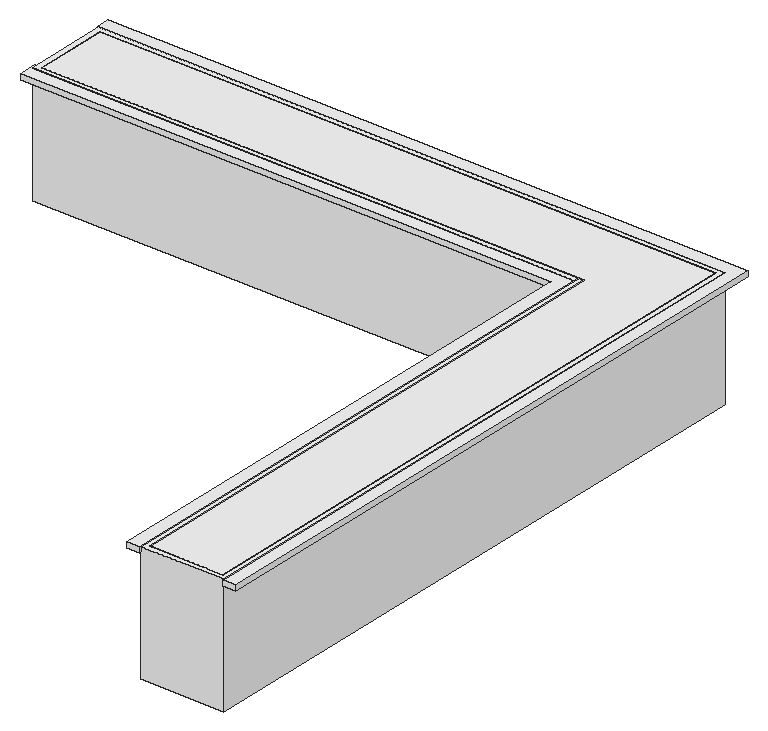
Revit family "Lighting-Recessed-Ledalite-TruGroove-LED_Flat_Corner V", category Lighting Fixtures, host Face, Revit 2017
Family settings
  Host = Face
  Round Connector Dimension = Use Diameter
  Part Type = Normal
  OmniClass Number = 23.80.70.11.14
  OmniClass Title = General Luminaries, Directional
  Cut with Voids When Loaded = No
  Light Source = Yes
  Shared = No
  Room Calculation Point = No
Parameters (values of type "39A0LCKMx422")
  eCatalog URL = "www.ledalite.com"
  Wattage = 8.21317 W
  built-in parameter 1150110 = 1 (stored number, unit not read)
  Voltage Comments = ""
  Voltage = 120 V
  URL = "https://www.signify.com/en-us"
  Trimless/TGrid = no
  Trim Width = 4 1/2"
  Trim Length = 26 77/256"
  Trim = yes
  built-in parameter 1114217 = 1 (stored number, unit not read)
  Tilt Angle = -90.00°
  built-in parameter 1150109 = 1 (stored number, unit not read)
  built-in parameter 1150134 = (empty or 0)
  built-in parameter 1150113 = 1 (stored number, unit not read)
  Spacing to Mounting Height Ratio Diagonal = "1.36"
  Spacing to Mounting Height Ratio 90 Degree Plane = "1.24"
  Spacing to Mounting Height Ratio 0 Degree Plane = "1.28"
  Product Page URL = "http://www.lightingproducts.philips.com/search-tool.html#!q=39AL"
  Product Family = "TruGroove"
  Photometry Comments = "Candela values are absolute."
  Photometric Web File = "39x0LCKMxx04.ies"
  Number of Lamps or LEDs = ""
  NEMA Type = "Not Applicable"
  Model = Catalog Number  # "39A0LCKMx422"
  Manufacturer = "Ledalite"
  built-in parameter 1150105 = 97.085 (stored number, unit not read)
  Lumens = 1220 lm
  built-in parameter 1150115 = 1 (stored number, unit not read)
  built-in parameter 1150137 = (empty or 0)
  built-in parameter 1150139 = (empty or 0)
  Lens Width = 3"
  Lens Material Finish = Acrylic-Signify-White, Translucent
  Last Updated = "11/6/2014"
  built-in parameter 1150112 = 1 (stored number, unit not read)
  Lamp Position = ""
  built-in parameter 1150114 = 1 (stored number, unit not read)
  Lamp Comments = ""
  Lamp = "LED"
  LER Luminaire Efficacy Rating = "65"
  built-in parameter 1150132 = 2
  built-in parameter 1150102 = (empty or 0)
  built-in parameter 1150107 = 3000 (stored number, unit not read)
  built-in parameter 1150138 = (empty or 0)
  built-in parameter 1150106 = 0.97085 (stored number, unit not read)
  Housing Width = 3 27/64"
  Housing Material Finish = Paint-Signify-White
  Housing Length = 25 179/256"
  Fixture Efficiency = "NA (Absolute Photometry)"
  built-in parameter 1150104 = 13.8 (stored number, unit not read)
  Dimming Lamp Color Temperature Shift = <None>
  Description = "2x2 Flat Corner, Definition LED, 3000K, 1500 Nominal Delivered Lumens, Regressed Silk Lens, Drywall Trim"
  Depth below Ceiling = 41/256"
  Depth = 4 225/256"
  Default Elevation = 48"
  Color Filter = 16777215
  Catalog Number = "39A0LCKMx422"
  built-in parameter 1140040 [instance] = 1
  CIE Type = "Direct"
  built-in parameter 1114218 = 1 (stored number, unit not read)
  built-in parameter 1150133 = 10 (stored number, unit not read)
  Assembly Code = "D5020200"
  Apparent Load Comments = ""
  Apparent Load = 18.9 VA
Reference planes (in)
  plane 1 "Center (Front/Back)": y = 0
  plane 2: z = 0
  plane 3 "Center (Left/Right)": x = 0
  plane 4: z = 0.16016
  plane 5: z = -4.71875
  plane 6: x = -1.71094
  plane 7: x = 1.71094
  plane 8: y = 1.71094
  plane 9: y = -1.71094
  plane 10: x = -2.25
  plane 11: x = 2.25
  plane 12: y = 2.25
  plane 13: y = -2.25
  plane 14: x = -23.98828
  plane 15: y = -23.98828
  plane 16: x = -24.05078
  plane 17: y = -24.05078
  plane 18: x = 1.5
  plane 19: x = -1.5
  plane 20: y = 1.5
  plane 21: y = -1.5
  plane 22: x = -23.77734
  plane 23: y = -23.77734
  plane 24: z = -4.5
  plane 25: z = -0.05078
  plane 26: z = -0.21875
Forms (in)
  Extrusion 1, void
    sketch origin (0, 0, 0) x (1, 0, 0) y (0, 1, 0)
      loop
        line (1.71094, 1.71094) -> (-23.98828, 1.71094) -> (-23.98828, -1.71094) -> (-1.71094, -1.71094) -> (-1.71094, -23.98828) -> (1.71094, -23.98828) -> (1.71094, 1.71094)
    from -4.71875 to 0
  Extrusion 2, solid, material "Paint-Signify-White" <- "Housing Material Finish"
    sketch origin (0, 0, 0) x (1, 0, 0) y (0, 1, 0)
      loop
        line (-23.98828, 1.71094) -> (-23.98828, -1.71094) -> (-1.71094, -1.71094) -> (-1.71094, -23.98828) -> (1.71094, -23.98828) -> (1.71094, 1.71094) -> (-23.98828, 1.71094)
    from -4.71875 to -4.5
  Extrusion 3, solid, material "Paint-Signify-White" <- "Housing Material Finish"
    sketch origin (0, 0, 0) x (1, 0, 0) y (0, 1, 0)
      loop
        line (-23.98828, 1.71094) -> (-23.98828, -1.71094) -> (-1.71094, -1.71094) -> (-1.71094, -23.98828) -> (1.71094, -23.98828) -> (1.71094, 1.71094) -> (-23.98828, 1.71094)
      loop
        line (-23.77734, 1.5) -> (-23.77734, -1.5) -> (-1.5, -1.5) -> (-1.5, -23.77734) -> (1.5, -23.77734) -> (1.5, 1.5) -> (-23.77734, 1.5)
    from -4.5 to 0.16016
  Extrusion 4, solid, material "Acrylic-Signify-White, Translucent" <- "Lens Material Finish"
    sketch origin (0, 0, 0) x (1, 0, 0) y (0, 1, 0)
      loop
        line (-23.77734, 1.5) -> (-23.77734, -1.5) -> (-1.5, -1.5) -> (-1.5, -23.77734) -> (1.5, -23.77734) -> (1.5, 1.5) -> (-23.77734, 1.5)
    from -0.05078 to 0.16016
  Extrusion 5, solid, material "Paint-Signify-White" <- "Housing Material Finish", visible <- "Trimless/TGrid"
    sketch origin (0, 0, 0) x (1, 0, 0) y (0, 1, 0)
      loop
        line (-24.05078, -2.25) -> (-2.25, -2.25) -> (-2.25, -24.05078) -> (-1.71094, -24.05078) -> (-1.71094, -1.71094) -> (-24.05078, -1.71094) -> (-24.05078, -2.25)
      loop
        line (-24.05078, 1.71094) -> (1.71094, 1.71094) -> (1.71094, -24.05078) -> (2.25, -24.05078) -> (2.25, 2.25) -> (-24.05078, 2.25) -> (-24.05078, 1.71094)
    from -0.21875 to 0
  Extrusion 6, solid, material "Paint-Signify-White", visible <- "Trim"
    sketch origin (0, 0, 0) x (1, 0, 0) y (0, 1, 0)
      loop
        line (-2.25, -24.05078) -> (-1.71094, -24.05078) -> (-1.71094, -1.5) -> (-24.05078, -1.5) -> (-24.05078, -2.25) -> (-2.25, -2.25) -> (-2.25, -24.05078)
      loop
        line (1.71094, -24.05078) -> (2.25, -24.05078) -> (2.25, 2.25) -> (-24.05078, 2.25) -> (-24.05078, 1.71094) -> (1.71094, 1.71094) -> (1.71094, -24.05078)
    from -0.05078 to 0.16016
Cuts and joins
  joined: Extrusion 2, Extrusion 3
Lines and regions (in)
  symbolic lines
    curve 1: line (1.71094, 1.71094, 0) -> (-23.98828, 1.71094, 0)
    curve 2: line (1.71094, -23.98828, 0) -> (1.71094, 1.71094, 0)
    curve 3: line (-23.98828, -23.98828, 0) -> (1.71094, -23.98828, 0)
    curve 4: line (-23.98828, 1.71094, 0) -> (-23.98828, -23.98828, 0)
  symbolic lines, detail levels medium+fine
    curve 5: line (-23.98828, 1.71094, 0) -> (1.71094, -23.98828, 0)
Dimensions and locks (in)
  "Depth below Ceiling": plane 4 to level
  "Depth": plane 4 to plane 5
  locked: imposter light to plane 4 at 0
  equal spacing: plane 6, plane 3 "Center (Left/Right)", plane 7
  "Housing Width": plane 6 to plane 7
  equal spacing: plane 9, plane 1 "Center (Front/Back)", plane 8
  "Housing Width": plane 9 to plane 8
  equal spacing: plane 10, plane 3 "Center (Left/Right)", plane 11
  "Trim Width": plane 10 to plane 11
  equal spacing: plane 13, plane 1 "Center (Front/Back)", plane 12
  "Trim Width": plane 13 to plane 12
  "Housing Length": plane 14 to plane 7
  "Housing Length": plane 15 to plane 8
  "Trim Length": plane 16 to plane 11
  "Trim Length": plane 17 to plane 12
  equal spacing: plane 19, plane 3 "Center (Left/Right)", plane 18
  "Lens Width": plane 19 to plane 18
  equal spacing: plane 20, plane 1 "Center (Front/Back)", plane 21
  "Lens Width": plane 20 to plane 21
  locked: plane 14 to plane 22 at 0.21094
  locked: plane 23 to plane 15 at 0.21094
  locked: plane 24 to plane 5 at 0.21875
  locked: plane 4 to plane 25 at 0.21094
  locked: level to plane 26 at 0.21875
  locked: curve 4 to Extrusion 4 sketch curve at 0.21094
  locked: curve 3 to Extrusion 4 sketch curve at 0.21094
  locked: Extrusion 6 to Extrusion 4 sketch curve at 0.75  (x3)
  locked: Extrusion 4 sketch curve to Extrusion 6 at 0.75
  aligned and locked: plane 2 to host face
  aligned and locked: level to host face
  aligned and locked: Extrusion 1 to plane 5
  aligned and locked: level to Extrusion 1
  aligned and locked: Extrusion 1 to plane 8
  aligned and locked: Extrusion 1 to plane 14
  aligned and locked: plane 9 to Extrusion 1
  aligned and locked: plane 7 to Extrusion 1
  aligned and locked: Extrusion 1 to plane 6
  aligned and locked: plane 15 to Extrusion 1
  aligned and locked: Extrusion 2 to plane 5
  aligned and locked: Extrusion 2 to plane 24
  aligned and locked: Extrusion 2 to plane 14
  aligned and locked: Extrusion 2 to plane 8
  aligned and locked: plane 9 to Extrusion 2
  aligned and locked: plane 7 to Extrusion 2
  aligned and locked: Extrusion 2 to plane 6
  aligned and locked: plane 15 to Extrusion 2
  aligned and locked: Extrusion 3 to Extrusion 2
  aligned and locked: Extrusion 3 to imposter light
  aligned and locked: Extrusion 3 to plane 14
  aligned and locked: Extrusion 3 to plane 22
  aligned and locked: plane 9 to Extrusion 3
  aligned and locked: plane 21 to Extrusion 3
  aligned and locked: Extrusion 3 to plane 8
  aligned and locked: Extrusion 3 to plane 20
  aligned and locked: plane 7 to Extrusion 3
  aligned and locked: plane 18 to Extrusion 3
  aligned and locked: Extrusion 3 to plane 19
  aligned and locked: Extrusion 3 to plane 6
  aligned and locked: plane 23 to Extrusion 3
  aligned and locked: plane 15 to Extrusion 3
  aligned and locked: Extrusion 4 to imposter light
  aligned and locked: Extrusion 4 to plane 25
  aligned and locked: level to Extrusion 5
  aligned and locked: Extrusion 5 to plane 26
  aligned and locked: Extrusion 5 to plane 16  (x2)
  aligned and locked: plane 13 to Extrusion 5
  aligned and locked: Extrusion 5 to plane 9
  aligned and locked: plane 8 to Extrusion 5
  aligned and locked: Extrusion 5 to plane 12
  aligned and locked: plane 11 to Extrusion 5
  aligned and locked: Extrusion 5 to plane 7
  aligned and locked: plane 6 to Extrusion 5
  aligned and locked: Extrusion 5 to plane 10
  aligned and locked: plane 17 to Extrusion 5  (x2)
  aligned and locked: plane 4 to Extrusion 6
  aligned and locked: Extrusion 6 to Extrusion 4
  aligned and locked: plane 6 to Extrusion 6
  aligned and locked: Extrusion 6 to plane 10
  aligned and locked: plane 13 to Extrusion 6
  aligned and locked: plane 21 to Extrusion 6
  aligned and locked: Extrusion 6 to plane 16  (x2)
  aligned and locked: plane 17 to Extrusion 6  (x2)
  aligned and locked: plane 11 to Extrusion 6
  aligned and locked: Extrusion 6 to plane 7
  aligned and locked: plane 8 to Extrusion 6
  aligned and locked: Extrusion 6 to plane 12
Automatic sketch dimensions
  host sketch curve to host sketch curve = 96"  (x2)
  plane 9 to Extrusion 1 sketch curve = 0"
  Extrusion 1 sketch curve to plane 6 = 0"
  plane 15 to Extrusion 1 sketch curve = 0"
  Extrusion 1 sketch curve to plane 14 = 0"
  Extrusion 1 sketch curve to plane 7 = 0"
  plane 8 to Extrusion 1 sketch curve = 0"
  curve 3 to plane 7 = 0"
  plane 15 to curve 4 = 0"
  plane 8 to curve 5 = 0"
  curve 5 to plane 14 = 0"
  plane 9 to Extrusion 2 sketch curve = 0"
  Extrusion 2 sketch curve to plane 6 = 0"
  plane 15 to Extrusion 2 sketch curve = 0"
  Extrusion 2 sketch curve to plane 14 = 0"
  Extrusion 2 sketch curve to plane 7 = 0"
  plane 8 to Extrusion 2 sketch curve = 0"
  plane 8 to Extrusion 3 sketch curve = 0"
  Extrusion 3 sketch curve to plane 14 = 0"
  Extrusion 3 sketch curve to plane 21 = 0"
  Extrusion 3 sketch curve to plane 22 = 0"
  Extrusion 3 sketch curve to plane 6 = 0"
  Extrusion 3 sketch curve to plane 19 = 0"
  Extrusion 3 sketch curve to plane 7 = 0"
  plane 15 to Extrusion 3 sketch curve = 0"
  Extrusion 3 sketch curve to plane 23 = 0"
  plane 9 to Extrusion 3 sketch curve = 0"
  plane 18 to Extrusion 3 sketch curve = 0"
  Extrusion 3 sketch curve to plane 20 = 0"  (x2)
  plane 13 to Extrusion 5 sketch curve = 0"
  Extrusion 5 sketch curve to plane 16 = 0"  (x2)
  plane 12 to Extrusion 5 sketch curve = 0"
  Extrusion 5 sketch curve to plane 10 = 0"
  Extrusion 5 sketch curve to plane 6 = 0"
  plane 11 to Extrusion 5 sketch curve = 0"
  plane 17 to Extrusion 5 sketch curve = 0"  (x2)
  plane 9 to Extrusion 5 sketch curve = 0"
  Extrusion 5 sketch curve to plane 7 = 0"
  plane 8 to Extrusion 5 sketch curve = 0"
  Extrusion 6 sketch curve to plane 16 = 0"  (x2)
  plane 13 to Extrusion 6 sketch curve = 0"
  Extrusion 6 sketch curve to plane 10 = 0"
  Extrusion 6 sketch curve to plane 6 = 0"
  Extrusion 6 sketch curve to plane 11 = 0"
  plane 17 to Extrusion 6 sketch curve = 0"  (x2)
  Extrusion 6 sketch curve to plane 21 = 0"
  plane 12 to Extrusion 6 sketch curve = 0"
  Extrusion 6 sketch curve to plane 7 = 0"
  plane 8 to Extrusion 6 sketch curve = 0"
Connectors (in)
  electrical at (-7.99609, -7.99609, -4.71875), driven by "Voltage", driven by "Apparent Load"
    settings: on cut or joined group of Extrusion 2, Extrusion 3, index 1, voltage 120 V, apparent load 0 VA, apparent load phase1 18.9 VA, apparent load phase2 0 VA, apparent load phase3 0 VA, power factor 1, load classification "Lighting", number of poles 1, system type 31, power factor state 1, is connector primary yes, connector utility no, sub classification motor no, connector description "Luminaire"
Types (135): name | Wattage | Trimless/TGrid | Trim Width | Trim Length | Trim | built-in parameter 1150134 | Spacing to Mounting Height Ratio Diagonal | Spacing to Mounting Height Ratio 90 Degree Plane | Spacing to Mounting Height Ratio 0 Degree Plane | Photometric Web File | Model | built-in parameter 1150105 | Lumens | LER Luminaire Efficacy Rating | built-in parameter 1150107 | built-in parameter 1150106 | Description | Depth below Ceiling | Depth | Catalog Number | Apparent Load
  39A0LAELx122 | 20.1963 W | yes | 4" | 25 115/128" | no | 12 | "1.4" | "1.28" | "1.28" | "39x0LAELxx04.ies" | "39A0LAELx122" | 238.73 (stored number, unit not read) | 3000 lm | "72" | 4000 (stored number, unit not read) | 2.3873 (stored number, unit not read) | "2x2 Flat Corner, Definition LED, 4000K, 3000 Nominal Delivered Lumens, Flush Silk Lens, T-Grid" | 0" | 4 23/32" | "39A0LAELx122" | 41.8 VA
  39A0LAELx422 | 20.1963 W | no | 4 1/2" | 26 77/256" | yes | 12 | "1.4" | "1.28" | "1.28" | "39x0LAELxx04.ies" | "39A0LAELx422" | 238.73 (stored number, unit not read) | 3000 lm | "72" | 4000 (stored number, unit not read) | 2.3873 (stored number, unit not read) | "2x2 Flat Corner, Definition LED, 4000K, 3000 Nominal Delivered Lumens, Flush Silk Lens, Drywall Trim" | 41/256" | 4 225/256" | "39A0LAELx422" | 41.8 VA
  39A0LAELx322 | 20.1963 W | yes | 6 61/256" | 27 13/128" | no | 12 | "1.4" | "1.28" | "1.28" | "39x0LAELxx04.ies" | "39A0LAELx322" | 238.73 (stored number, unit not read) | 3000 lm | "72" | 4000 (stored number, unit not read) | 2.3873 (stored number, unit not read) | "2x2 Flat Corner, Definition LED, 4000K, 3000 Nominal Delivered Lumens, Flush Silk Lens, Drywall Trimless" | 41/256" | 4 225/256" | "39A0LAELx322" | 41.8 VA
  39A0LAEMx122 | 16.938 W | yes | 4" | 25 115/128" | no | 12 | "1.36" | "1.24" | "1.28" | "39x0LAEMxx04.ies" | "39A0LAEMx122" | 200.22 (stored number, unit not read) | 2516 lm | "60" | 4000 (stored number, unit not read) | 2.0022 (stored number, unit not read) | "2x2 Flat Corner, Definition LED, 4000K, 3000 Nominal Delivered Lumens, Regressed Silk Lens, T-Grid" | 0" | 4 23/32" | "39A0LAEMx122" | 42 VA
  39A0LAEMx422 | 16.938 W | no | 4 1/2" | 26 77/256" | yes | 12 | "1.36" | "1.24" | "1.28" | "39x0LAEMxx04.ies" | "39A0LAEMx422" | 200.22 (stored number, unit not read) | 2516 lm | "60" | 4000 (stored number, unit not read) | 2.0022 (stored number, unit not read) | "2x2 Flat Corner, Definition LED, 4000K, 3000 Nominal Delivered Lumens, Regressed Silk Lens, Drywall Trim" | 41/256" | 4 225/256" | "39A0LAEMx422" | 42 VA
  39A0LAEMx322 | 16.938 W | yes | 6 61/256" | 27 13/128" | no | 12 | "1.36" | "1.24" | "1.28" | "39x0LAEMxx04.ies" | "39A0LAEMx322" | 200.22 (stored number, unit not read) | 2516 lm | "60" | 4000 (stored number, unit not read) | 2.0022 (stored number, unit not read) | "2x2 Flat Corner, Definition LED, 4000K, 3000 Nominal Delivered Lumens, Regressed Silk Lens, Drywall Trimless" | 41/256" | 4 225/256" | "39A0LAEMx322" | 42 VA
  39A0LAGLx122 | 14.5346 W | yes | 4" | 25 115/128" | no | 12 | "1.4" | "1.28" | "1.28" | "39x0LAGLxx04.ies" | "39A0LAGLx122" | 171.81 (stored number, unit not read) | 2159 lm | "77" | 4000 (stored number, unit not read) | 1.7181 (stored number, unit not read) | "2x2 Flat Corner, Definition LED, 4000K, 2200 Nominal Delivered Lumens, Flush Silk Lens, T-Grid" | 0" | 4 23/32" | "39A0LAGLx122" | 27.9 VA
  39A0LAGLx422 | 14.5346 W | no | 4 1/2" | 26 77/256" | yes | 12 | "1.4" | "1.28" | "1.28" | "39x0LAGLxx04.ies" | "39A0LAGLx422" | 171.81 (stored number, unit not read) | 2159 lm | "77" | 4000 (stored number, unit not read) | 1.7181 (stored number, unit not read) | "2x2 Flat Corner, Definition LED, 4000K, 2200 Nominal Delivered Lumens, Flush Silk Lens, Drywall Trim" | 41/256" | 4 225/256" | "39A0LAGLx422" | 27.9 VA
  39A0LAGLx322 | 14.5346 W | yes | 6 61/256" | 27 13/128" | no | 12 | "1.4" | "1.28" | "1.28" | "39x0LAGLxx04.ies" | "39A0LAGLx322" | 171.81 (stored number, unit not read) | 2159 lm | "77" | 4000 (stored number, unit not read) | 1.7181 (stored number, unit not read) | "2x2 Flat Corner, Definition LED, 4000K, 2200 Nominal Delivered Lumens, Flush Silk Lens, Drywall Trimless" | 41/256" | 4 225/256" | "39A0LAGLx322" | 27.9 VA
  39A0LAGMx122 | 12.1918 W | yes | 4" | 25 115/128" | no | 12 | "1.36" | "1.24" | "1.28" | "39x0LAGMxx04.ies" | "39A0LAGMx122" | 144.11 (stored number, unit not read) | 1811 lm | "64" | 4000 (stored number, unit not read) | 1.4411 (stored number, unit not read) | "2x2 Flat Corner, Definition LED, 4000K, 2200 Nominal Delivered Lumens, Regressed Silk Lens, T-Grid" | 0" | 4 23/32" | "39A0LAGMx122" | 28.1 VA
  39A0LAGMx422 | 12.1918 W | no | 4 1/2" | 26 77/256" | yes | 12 | "1.36" | "1.24" | "1.28" | "39x0LAGMxx04.ies" | "39A0LAGMx422" | 144.11 (stored number, unit not read) | 1811 lm | "64" | 4000 (stored number, unit not read) | 1.4411 (stored number, unit not read) | "2x2 Flat Corner, Definition LED, 4000K, 2200 Nominal Delivered Lumens, Regressed Silk Lens, Drywall Trim" | 41/256" | 4 225/256" | "39A0LAGMx422" | 28.1 VA
  39A0LAGMx322 | 12.1918 W | yes | 6 61/256" | 27 13/128" | no | 12 | "1.36" | "1.24" | "1.28" | "39x0LAGMxx04.ies" | "39A0LAGMx322" | 144.11 (stored number, unit not read) | 1811 lm | "64" | 4000 (stored number, unit not read) | 1.4411 (stored number, unit not read) | "2x2 Flat Corner, Definition LED, 4000K, 2200 Nominal Delivered Lumens, Regressed Silk Lens, Drywall Trimless" | 41/256" | 4 225/256" | "39A0LAGMx322" | 28.1 VA
  39A0LAKLx122 | 10.0308 W | yes | 4" | 25 115/128" | no | 12 | "1.4" | "1.28" | "1.28" | "39x0LAKLxx04.ies" | "39A0LAKLx122" | 118.57 (stored number, unit not read) | 1490 lm | "80" | 4000 (stored number, unit not read) | 1.1857 (stored number, unit not read) | "2x2 Flat Corner, Definition LED, 4000K, 1500 Nominal Delivered Lumens, Flush Silk Lens, T-Grid" | 0" | 4 23/32" | "39A0LAKLx122" | 18.7 VA
  39A0LAKLx422 | 10.0308 W | no | 4 1/2" | 26 77/256" | yes | 12 | "1.4" | "1.28" | "1.28" | "39x0LAKLxx04.ies" | "39A0LAKLx422" | 118.57 (stored number, unit not read) | 1490 lm | "80" | 4000 (stored number, unit not read) | 1.1857 (stored number, unit not read) | "2x2 Flat Corner, Definition LED, 4000K, 1500 Nominal Delivered Lumens, Flush Silk Lens, Drywall Trim" | 41/256" | 4 225/256" | "39A0LAKLx422" | 18.7 VA
  39A0LAKLx322 | 10.0308 W | yes | 6 61/256" | 27 13/128" | no | 12 | "1.4" | "1.28" | "1.28" | "39x0LAKLxx04.ies" | "39A0LAKLx322" | 118.57 (stored number, unit not read) | 1490 lm | "80" | 4000 (stored number, unit not read) | 1.1857 (stored number, unit not read) | "2x2 Flat Corner, Definition LED, 4000K, 1500 Nominal Delivered Lumens, Flush Silk Lens, Drywall Trimless" | 41/256" | 4 225/256" | "39A0LAKLx322" | 18.7 VA
  39A0LAKMx122 | 8.41513 W | yes | 4" | 25 115/128" | no | 12 | "1.36" | "1.24" | "1.28" | "39x0LAKMxx04.ies" | "39A0LAKMx122" | 99.472 (stored number, unit not read) | 1250 lm | "66" | 4000 (stored number, unit not read) | 0.99472 (stored number, unit not read) | "2x2 Flat Corner, Definition LED, 4000K, 1500 Nominal Delivered Lumens, Regressed Silk Lens, T-Grid" | 0" | 4 23/32" | "39A0LAKMx122" | 18.8 VA
  39A0LAKMx422 | 8.41513 W | no | 4 1/2" | 26 77/256" | yes | 12 | "1.36" | "1.24" | "1.28" | "39x0LAKMxx04.ies" | "39A0LAKMx422" | 99.472 (stored number, unit not read) | 1250 lm | "66" | 4000 (stored number, unit not read) | 0.99472 (stored number, unit not read) | "2x2 Flat Corner, Definition LED, 4000K, 1500 Nominal Delivered Lumens, Regressed Silk Lens, Drywall Trim" | 41/256" | 4 225/256" | "39A0LAKMx422" | 18.8 VA
  39A0LAKMx322 | 8.41513 W | yes | 6 61/256" | 27 13/128" | no | 12 | "1.36" | "1.24" | "1.28" | "39x0LAKMxx04.ies" | "39A0LAKMx322" | 99.472 (stored number, unit not read) | 1250 lm | "66" | 4000 (stored number, unit not read) | 0.99472 (stored number, unit not read) | "2x2 Flat Corner, Definition LED, 4000K, 1500 Nominal Delivered Lumens, Regressed Silk Lens, Drywall Trimless" | 41/256" | 4 225/256" | "39A0LAKMx322" | 18.8 VA
  39A0LBELx122 | 20.3646 W | yes | 4" | 25 115/128" | no | (empty or 0) | "1.4" | "1.28" | "1.28" | "39x0LBELxx04.ies" | "39A0LBELx122" | 240.72 (stored number, unit not read) | 3025 lm | "73" | 3500 (stored number, unit not read) | 2.4072 (stored number, unit not read) | "2x2 Flat Corner, Definition LED, 3500K, 3000 Nominal Delivered Lumens, Flush Silk Lens, T-Grid" | 0" | 4 23/32" | "39A0LBELx122" | 41.4 VA
  39A0LBELx422 | 20.3646 W | no | 4 1/2" | 26 77/256" | yes | (empty or 0) | "1.4" | "1.28" | "1.28" | "39x0LBELxx04.ies" | "39A0LBELx422" | 240.72 (stored number, unit not read) | 3025 lm | "73" | 3500 (stored number, unit not read) | 2.4072 (stored number, unit not read) | "2x2 Flat Corner, Definition LED, 3500K, 3000 Nominal Delivered Lumens, Flush Silk Lens, Drywall Trim" | 41/256" | 4 225/256" | "39A0LBELx422" | 41.4 VA
  39A0LBELx322 | 20.3646 W | yes | 6 61/256" | 27 13/128" | no | (empty or 0) | "1.4" | "1.28" | "1.28" | "39x0LBELxx04.ies" | "39A0LBELx322" | 240.72 (stored number, unit not read) | 3025 lm | "73" | 3500 (stored number, unit not read) | 2.4072 (stored number, unit not read) | "2x2 Flat Corner, Definition LED, 3500K, 3000 Nominal Delivered Lumens, Flush Silk Lens, Drywall Trimless" | 41/256" | 4 225/256" | "39A0LBELx322" | 41.4 VA
  39A0LBEMx122 | 17.0861 W | yes | 4" | 25 115/128" | no | (empty or 0) | "1.36" | "1.24" | "1.28" | "39x0LBEMxx04.ies" | "39A0LBEMx122" | 201.97 (stored number, unit not read) | 2538 lm | "61" | 3500 (stored number, unit not read) | 2.0197 (stored number, unit not read) | "2x2 Flat Corner, Definition LED, 3500K, 3000 Nominal Delivered Lumens, Regressed Silk Lens, T-Grid" | 0" | 4 23/32" | "39A0LBEMx122" | 41.6 VA
  39A0LBEMx422 | 17.0861 W | no | 4 1/2" | 26 77/256" | yes | (empty or 0) | "1.36" | "1.24" | "1.28" | "39x0LBEMxx04.ies" | "39A0LBEMx422" | 201.97 (stored number, unit not read) | 2538 lm | "61" | 3500 (stored number, unit not read) | 2.0197 (stored number, unit not read) | "2x2 Flat Corner, Definition LED, 3500K, 3000 Nominal Delivered Lumens, Regressed Silk Lens, Drywall Trim" | 41/256" | 4 225/256" | "39A0LBEMx422" | 41.6 VA
  39A0LBEMx322 | 17.0861 W | yes | 6 61/256" | 27 13/128" | no | (empty or 0) | "1.36" | "1.24" | "1.28" | "39x0LBEMxx04.ies" | "39A0LBEMx322" | 201.97 (stored number, unit not read) | 2538 lm | "61" | 3500 (stored number, unit not read) | 2.0197 (stored number, unit not read) | "2x2 Flat Corner, Definition LED, 3500K, 3000 Nominal Delivered Lumens, Regressed Silk Lens, Drywall Trimless" | 41/256" | 4 225/256" | "39A0LBEMx322" | 41.6 VA
  39A0LBGLx122 | 14.6356 W | yes | 4" | 25 115/128" | no | (empty or 0) | "1.4" | "1.28" | "1.28" | "39x0LBGLxx04.ies" | "39A0LBGLx122" | 173 (stored number, unit not read) | 2174 lm | "78" | 3500 (stored number, unit not read) | 1.73 (stored number, unit not read) | "2x2 Flat Corner, Definition LED, 3500K, 2200 Nominal Delivered Lumens, Flush Silk Lens, T-Grid" | 0" | 4 23/32" | "39A0LBGLx122" | 27.7 VA
  39A0LBGLx422 | 14.6356 W | no | 4 1/2" | 26 77/256" | yes | (empty or 0) | "1.4" | "1.28" | "1.28" | "39x0LBGLxx04.ies" | "39A0LBGLx422" | 173 (stored number, unit not read) | 2174 lm | "78" | 3500 (stored number, unit not read) | 1.73 (stored number, unit not read) | "2x2 Flat Corner, Definition LED, 3500K, 2200 Nominal Delivered Lumens, Flush Silk Lens, Drywall Trim" | 41/256" | 4 225/256" | "39A0LBGLx422" | 27.7 VA
  39A0LBGLx322 | 14.6356 W | yes | 6 61/256" | 27 13/128" | no | (empty or 0) | "1.4" | "1.28" | "1.28" | "39x0LBGLxx04.ies" | "39A0LBGLx322" | 173 (stored number, unit not read) | 2174 lm | "78" | 3500 (stored number, unit not read) | 1.73 (stored number, unit not read) | "2x2 Flat Corner, Definition LED, 3500K, 2200 Nominal Delivered Lumens, Flush Silk Lens, Drywall Trimless" | 41/256" | 4 225/256" | "39A0LBGLx322" | 27.7 VA
  39A0LBGMx122 | 12.2726 W | yes | 4" | 25 115/128" | no | (empty or 0) | "1.36" | "1.24" | "1.28" | "39x0LBGMxx04.ies" | "39A0LBGMx122" | 145.07 (stored number, unit not read) | 1823 lm | "66" | 3500 (stored number, unit not read) | 1.4507 (stored number, unit not read) | "2x2 Flat Corner, Definition LED, 3500K, 2200 Nominal Delivered Lumens, Regressed Silk Lens, T-Grid" | 0" | 4 23/32" | "39A0LBGMx122" | 27.8 VA
  39A0LBGMx422 | 12.2726 W | no | 4 1/2" | 26 77/256" | yes | (empty or 0) | "1.36" | "1.24" | "1.28" | "39x0LBGMxx04.ies" | "39A0LBGMx422" | 145.07 (stored number, unit not read) | 1823 lm | "66" | 3500 (stored number, unit not read) | 1.4507 (stored number, unit not read) | "2x2 Flat Corner, Definition LED, 3500K, 2200 Nominal Delivered Lumens, Regressed Silk Lens, Drywall Trim" | 41/256" | 4 225/256" | "39A0LBGMx422" | 27.8 VA
  39A0LBGMx322 | 12.2726 W | yes | 6 61/256" | 27 13/128" | no | (empty or 0) | "1.36" | "1.24" | "1.28" | "39x0LBGMxx04.ies" | "39A0LBGMx322" | 145.07 (stored number, unit not read) | 1823 lm | "66" | 3500 (stored number, unit not read) | 1.4507 (stored number, unit not read) | "2x2 Flat Corner, Definition LED, 3500K, 2200 Nominal Delivered Lumens, Regressed Silk Lens, Drywall Trimless" | 41/256" | 4 225/256" | "39A0LBGMx322" | 27.8 VA
  39A0LBKLx122 | 10.1116 W | yes | 4" | 25 115/128" | no | (empty or 0) | "1.4" | "1.28" | "1.28" | "39x0LBKLxx04.ies" | "39A0LBKLx122" | 119.53 (stored number, unit not read) | 1502 lm | "81" | 3500 (stored number, unit not read) | 1.1953 (stored number, unit not read) | "2x2 Flat Corner, Definition LED, 3500K, 1500 Nominal Delivered Lumens, Flush Silk Lens, T-Grid" | 0" | 4 23/32" | "39A0LBKLx122" | 18.6 VA
  39A0LBKLx422 | 10.1116 W | no | 4 1/2" | 26 77/256" | yes | (empty or 0) | "1.4" | "1.28" | "1.28" | "39x0LBKLxx04.ies" | "39A0LBKLx422" | 119.53 (stored number, unit not read) | 1502 lm | "81" | 3500 (stored number, unit not read) | 1.1953 (stored number, unit not read) | "2x2 Flat Corner, Definition LED, 3500K, 1500 Nominal Delivered Lumens, Flush Silk Lens, Drywall Trim" | 41/256" | 4 225/256" | "39A0LBKLx422" | 18.6 VA
  39A0LBKLx322 | 10.1116 W | yes | 6 61/256" | 27 13/128" | no | (empty or 0) | "1.4" | "1.28" | "1.28" | "39x0LBKLxx04.ies" | "39A0LBKLx322" | 119.53 (stored number, unit not read) | 1502 lm | "81" | 3500 (stored number, unit not read) | 1.1953 (stored number, unit not read) | "2x2 Flat Corner, Definition LED, 3500K, 1500 Nominal Delivered Lumens, Flush Silk Lens, Drywall Trimless" | 41/256" | 4 225/256" | "39A0LBKLx322" | 18.6 VA
  39A0LBKMx122 | 8.48245 W | yes | 4" | 25 115/128" | no | (empty or 0) | "1.36" | "1.24" | "1.28" | "39x0LBKMxx04.ies" | "39A0LBKMx122" | 100.27 (stored number, unit not read) | 1260 lm | "67" | 3500 (stored number, unit not read) | 1.0027 (stored number, unit not read) | "2x2 Flat Corner, Definition LED, 3500K, 1500 Nominal Delivered Lumens, Regressed Silk Lens, T-Grid" | 0" | 4 23/32" | "39A0LBKMx122" | 18.7 VA
  39A0LBKMx422 | 8.48245 W | no | 4 1/2" | 26 77/256" | yes | (empty or 0) | "1.36" | "1.24" | "1.28" | "39x0LBKMxx04.ies" | "39A0LBKMx422" | 100.27 (stored number, unit not read) | 1260 lm | "67" | 3500 (stored number, unit not read) | 1.0027 (stored number, unit not read) | "2x2 Flat Corner, Definition LED, 3500K, 1500 Nominal Delivered Lumens, Regressed Silk Lens, Drywall Trim" | 41/256" | 4 225/256" | "39A0LBKMx422" | 18.7 VA
  39A0LBKMx322 | 8.48245 W | yes | 6 61/256" | 27 13/128" | no | (empty or 0) | "1.36" | "1.24" | "1.28" | "39x0LBKMxx04.ies" | "39A0LBKMx322" | 100.27 (stored number, unit not read) | 1260 lm | "67" | 3500 (stored number, unit not read) | 1.0027 (stored number, unit not read) | "2x2 Flat Corner, Definition LED, 3500K, 1500 Nominal Delivered Lumens, Regressed Silk Lens, Drywall Trimless" | 41/256" | 4 225/256" | "39A0LBKMx322" | 0 VA
  39A0LCELx122 | 19.5568 W | yes | 4" | 25 115/128" | no | (empty or 0) | "1.4" | "1.28" | "1.28" | "39x0LCELxx04.ies" | "39A0LCELx122" | 231.17 (stored number, unit not read) | 2905 lm | "70" | 3000 (stored number, unit not read) | 2.3117 (stored number, unit not read) | "2x2 Flat Corner, Definition LED, 3000K, 3000 Nominal Delivered Lumens, Flush Silk Lens, T-Grid" | 0" | 4 23/32" | "39A0LCELx122" | 41.5 VA
  39A0LCELx422 | 19.5568 W | no | 4 1/2" | 26 77/256" | yes | (empty or 0) | "1.4" | "1.28" | "1.28" | "39x0LCELxx04.ies" | "39A0LCELx422" | 231.17 (stored number, unit not read) | 2905 lm | "70" | 3000 (stored number, unit not read) | 2.3117 (stored number, unit not read) | "2x2 Flat Corner, Definition LED, 3000K, 3000 Nominal Delivered Lumens, Flush Silk Lens, Drywall Trim" | 41/256" | 4 225/256" | "39A0LCELx422" | 41.5 VA
  39A0LCELx322 | 19.5568 W | yes | 6 61/256" | 27 13/128" | no | (empty or 0) | "1.4" | "1.28" | "1.28" | "39x0LCELxx04.ies" | "39A0LCELx322" | 231.17 (stored number, unit not read) | 2905 lm | "70" | 3000 (stored number, unit not read) | 2.3117 (stored number, unit not read) | "2x2 Flat Corner, Definition LED, 3000K, 3000 Nominal Delivered Lumens, Flush Silk Lens, Drywall Trimless" | 41/256" | 4 225/256" | "39A0LCELx322" | 41.5 VA
  39A0LCEMx122 | 16.4061 W | yes | 4" | 25 115/128" | no | (empty or 0) | "1.36" | "1.24" | "1.28" | "39x0LCEMxx04.ies" | "39A0LCEMx122" | 193.93 (stored number, unit not read) | 2437 lm | "58" | 3000 (stored number, unit not read) | 1.9393 (stored number, unit not read) | "2x2 Flat Corner, Definition LED, 3000K, 3000 Nominal Delivered Lumens, Regressed Silk Lens, T-Grid" | 0" | 4 23/32" | "39A0LCEMx122" | 41.7 VA
  39A0LCEMx422 | 16.4061 W | no | 4 1/2" | 26 77/256" | yes | (empty or 0) | "1.36" | "1.24" | "1.28" | "39x0LCEMxx04.ies" | "39A0LCEMx422" | 193.93 (stored number, unit not read) | 2437 lm | "58" | 3000 (stored number, unit not read) | 1.9393 (stored number, unit not read) | "2x2 Flat Corner, Definition LED, 3000K, 3000 Nominal Delivered Lumens, Regressed Silk Lens, Drywall Trim" | 41/256" | 4 225/256" | "39A0LCEMx422" | 41.7 VA
  39A0LCEMx322 | 16.4061 W | yes | 6 61/256" | 27 13/128" | no | (empty or 0) | "1.36" | "1.24" | "1.28" | "39x0LCEMxx04.ies" | "39A0LCEMx322" | 193.93 (stored number, unit not read) | 2437 lm | "58" | 3000 (stored number, unit not read) | 1.9393 (stored number, unit not read) | "2x2 Flat Corner, Definition LED, 3000K, 3000 Nominal Delivered Lumens, Regressed Silk Lens, Drywall Trimless" | 41/256" | 4 225/256" | "39A0LCEMx322" | 41.7 VA
  39A0LCGLx122 | 14.1374 W | yes | 4" | 25 115/128" | no | (empty or 0) | "1.4" | "1.28" | "1.28" | "39x0LCGLxx04.ies" | "39A0LCGLx122" | 167.11 (stored number, unit not read) | 2100 lm | "75" | 3000 (stored number, unit not read) | 1.6711 (stored number, unit not read) | "2x2 Flat Corner, Definition LED, 3000K, 2200 Nominal Delivered Lumens, Flush Silk Lens, T-Grid" | 0" | 4 23/32" | "39A0LCGLx122" | 28 VA
  39A0LCGLx422 | 14.1374 W | no | 4 1/2" | 26 77/256" | yes | (empty or 0) | "1.4" | "1.28" | "1.28" | "39x0LCGLxx04.ies" | "39A0LCGLx422" | 167.11 (stored number, unit not read) | 2100 lm | "75" | 3000 (stored number, unit not read) | 1.6711 (stored number, unit not read) | "2x2 Flat Corner, Definition LED, 3000K, 2200 Nominal Delivered Lumens, Flush Silk Lens, Drywall Trim" | 41/256" | 4 225/256" | "39A0LCGLx422" | 28 VA
  39A0LCGLx322 | 14.1374 W | yes | 6 61/256" | 27 13/128" | no | (empty or 0) | "1.4" | "1.28" | "1.28" | "39x0LCGLxx04.ies" | "39A0LCGLx322" | 167.11 (stored number, unit not read) | 2100 lm | "75" | 3000 (stored number, unit not read) | 1.6711 (stored number, unit not read) | "2x2 Flat Corner, Definition LED, 3000K, 2200 Nominal Delivered Lumens, Flush Silk Lens, Drywall Trimless" | 41/256" | 4 225/256" | "39A0LCGLx322" | 28 VA
  39A0LCGMx122 | 11.862 W | yes | 4" | 25 115/128" | no | (empty or 0) | "1.36" | "1.24" | "1.28" | "39x0LCGMxx04.ies" | "39A0LCGMx122" | 140.22 (stored number, unit not read) | 1762 lm | "62" | 3000 (stored number, unit not read) | 1.4022 (stored number, unit not read) | "2x2 Flat Corner, Definition LED, 3000K, 2200 Nominal Delivered Lumens, Regressed Silk Lens, T-Grid" | 0" | 4 23/32" | "39A0LCGMx122" | 28.2 VA
  39A0LCGMx422 | 11.862 W | no | 4 1/2" | 26 77/256" | yes | (empty or 0) | "1.36" | "1.24" | "1.28" | "39x0LCGMxx04.ies" | "39A0LCGMx422" | 140.22 (stored number, unit not read) | 1762 lm | "62" | 3000 (stored number, unit not read) | 1.4022 (stored number, unit not read) | "2x2 Flat Corner, Definition LED, 3000K, 2200 Nominal Delivered Lumens, Regressed Silk Lens, Drywall Trim" | 41/256" | 4 225/256" | "39A0LCGMx422" | 28.2 VA
  39A0LCGMx322 | 11.862 W | yes | 6 61/256" | 27 13/128" | no | (empty or 0) | "1.36" | "1.24" | "1.28" | "39x0LCGMxx04.ies" | "39A0LCGMx322" | 140.22 (stored number, unit not read) | 1762 lm | "62" | 3000 (stored number, unit not read) | 1.4022 (stored number, unit not read) | "2x2 Flat Corner, Definition LED, 3000K, 2200 Nominal Delivered Lumens, Regressed Silk Lens, Drywall Trimless" | 41/256" | 4 225/256" | "39A0LCGMx322" | 28.2 VA
  39A0LCKLx122 | 9.78848 W | yes | 4" | 25 115/128" | no | (empty or 0) | "1.4" | "1.28" | "1.28" | "39x0LCKLxx04.ies" | "39A0LCKLx122" | 115.71 (stored number, unit not read) | 1454 lm | "77" | 3000 (stored number, unit not read) | 1.1571 (stored number, unit not read) | "2x2 Flat Corner, Definition LED, 3000K, 1500 Nominal Delivered Lumens, Flush Silk Lens, T-Grid" | 0" | 4 23/32" | "39A0LCKLx122" | 18.8 VA
  39A0LCKLx422 | 9.78848 W | no | 4 1/2" | 26 77/256" | yes | (empty or 0) | "1.4" | "1.28" | "1.28" | "39x0LCKLxx04.ies" | "39A0LCKLx422" | 115.71 (stored number, unit not read) | 1454 lm | "77" | 3000 (stored number, unit not read) | 1.1571 (stored number, unit not read) | "2x2 Flat Corner, Definition LED, 3000K, 1500 Nominal Delivered Lumens, Flush Silk Lens, Drywall Trim" | 41/256" | 4 225/256" | "39A0LCKLx422" | 18.8 VA
  39A0LCKLx322 | 9.78848 W | yes | 6 61/256" | 27 13/128" | no | (empty or 0) | "1.4" | "1.28" | "1.28" | "39x0LCKLxx04.ies" | "39A0LCKLx322" | 115.71 (stored number, unit not read) | 1454 lm | "77" | 3000 (stored number, unit not read) | 1.1571 (stored number, unit not read) | "2x2 Flat Corner, Definition LED, 3000K, 1500 Nominal Delivered Lumens, Flush Silk Lens, Drywall Trimless" | 41/256" | 4 225/256" | "39A0LCKLx322" | 18.8 VA
  39A0LCKMx122 | 8.21317 W | yes | 4" | 25 115/128" | no | (empty or 0) | "1.36" | "1.24" | "1.28" | "39x0LCKMxx04.ies" | "39A0LCKMx122" | 97.085 (stored number, unit not read) | 1220 lm | "65" | 3000 (stored number, unit not read) | 0.97085 (stored number, unit not read) | "2x2 Flat Corner, Definition LED, 3000K, 1500 Nominal Delivered Lumens, Regressed Silk Lens, T-Grid" | 0" | 4 23/32" | "39A0LCKMx122" | 18.9 VA
  39A0LCKMx422 | 8.21317 W | no | 4 1/2" | 26 77/256" | yes | (empty or 0) | "1.36" | "1.24" | "1.28" | "39x0LCKMxx04.ies" | "39A0LCKMx422" | 97.085 (stored number, unit not read) | 1220 lm | "65" | 3000 (stored number, unit not read) | 0.97085 (stored number, unit not read) | "2x2 Flat Corner, Definition LED, 3000K, 1500 Nominal Delivered Lumens, Regressed Silk Lens, Drywall Trim" | 41/256" | 4 225/256" | "39A0LCKMx422" | 18.9 VA
  39A0LCKMx322 | 8.21317 W | yes | 6 61/256" | 27 13/128" | no | (empty or 0) | "1.36" | "1.24" | "1.28" | "39x0LCKMxx04.ies" | "39A0LCKMx322" | 97.085 (stored number, unit not read) | 1220 lm | "65" | 3000 (stored number, unit not read) | 0.97085 (stored number, unit not read) | "2x2 Flat Corner, Definition LED, 3000K, 1500 Nominal Delivered Lumens, Regressed Silk Lens, Drywall Trimless" | 41/256" | 4 225/256" | "39A0LCKMx322" | 18.9 VA
  39A1LAEQx122 | 20.4656 W | yes | 4" | 25 115/128" | no | 12 | "1.52" | "1.76" | "1.42" | "39x1LAEQxx04.ies" | "39A1LAEQx122" | 241.92 (stored number, unit not read) | 3040 lm | "73" | 4000 (stored number, unit not read) | 2.4192 (stored number, unit not read) | "2x2 Flat Corner, Performance LED, 4000K, 3000 Nominal Delivered Lumens, Flush Meso Lens, T- Grid" | 0" | 4 23/32" | "39A1LAEQx122" | 41.8 VA
  39A1LAEQx422 | 20.4656 W | no | 4 1/2" | 26 77/256" | yes | 12 | "1.52" | "1.76" | "1.42" | "39x1LAEQxx04.ies" | "39A1LAEQx422" | 241.92 (stored number, unit not read) | 3040 lm | "73" | 4000 (stored number, unit not read) | 2.4192 (stored number, unit not read) | "2x2 Flat Corner, Performance LED, 4000K, 3000 Nominal Delivered Lumens, Flush Meso Lens, Drywall Trim" | 41/256" | 4 225/256" | "39A1LAEQx422" | 41.8 VA
  39A1LAEQx322 | 20.4656 W | yes | 6 61/256" | 27 13/128" | no | 12 | "1.52" | "1.76" | "1.42" | "39x1LAEQxx04.ies" | "39A1LAEQx322" | 241.92 (stored number, unit not read) | 3040 lm | "73" | 4000 (stored number, unit not read) | 2.4192 (stored number, unit not read) | "2x2 Flat Corner, Performance LED, 4000K, 3000 Nominal Delivered Lumens, Flush Meso Lens, Drywall Trimless" | 41/256" | 4 225/256" | "39A1LAEQx322" | 41.8 VA
  39A1LAERx122 | 18.1632 W | yes | 4" | 25 115/128" | no | 12 | "1.4" | "1.5" | "1.34" | "39x1LAERxx04.ies" | "39A1LAERx122" | 214.7 (stored number, unit not read) | 2698 lm | "64" | 4000 (stored number, unit not read) | 2.147 (stored number, unit not read) | "2x2 Flat Corner, Performance LED, 4000K, 3000 Nominal Delivered Lumens, Regressed Meso Lens, T- Grid" | 0" | 4 23/32" | "39A1LAERx122" | 42 VA
  39A1LAERx422 | 18.1632 W | no | 4 1/2" | 26 77/256" | yes | 12 | "1.4" | "1.5" | "1.34" | "39x1LAERxx04.ies" | "39A1LAERx422" | 214.7 (stored number, unit not read) | 2698 lm | "64" | 4000 (stored number, unit not read) | 2.147 (stored number, unit not read) | "2x2 Flat Corner, Performance LED, 4000K, 3000 Nominal Delivered Lumens, Regressed Meso Lens, Drywall Trim" | 41/256" | 4 225/256" | "39A1LAERx422" | 42 VA
  39A1LAERx322 | 18.1632 W | yes | 6 61/256" | 27 13/128" | no | 12 | "1.4" | "1.5" | "1.34" | "39x1LAERxx04.ies" | "39A1LAERx322" | 214.7 (stored number, unit not read) | 2698 lm | "64" | 4000 (stored number, unit not read) | 2.147 (stored number, unit not read) | "2x2 Flat Corner, Performance LED, 4000K, 3000 Nominal Delivered Lumens, Regressed Meso Lens, Drywall Trimless" | 41/256" | 4 225/256" | "39A1LAERx322" | 42 VA
  39A1LAGQx122 | 14.7231 W | yes | 4" | 25 115/128" | no | 12 | "1.52" | "1.76" | "1.42" | "39x1LAGQxx04.ies" | "39A1LAGQx122" | 174.04 (stored number, unit not read) | 2187 lm | "78" | 4000 (stored number, unit not read) | 1.7404 (stored number, unit not read) | "2x2 Flat Corner, Performance LED, 4000K, 2200 Nominal Delivered Lumens, Flush Meso Lens, T- Grid" | 0" | 4 23/32" | "39A1LAGQx122" | 27.9 VA
  39A1LAGQx422 | 14.7231 W | no | 4 1/2" | 26 77/256" | yes | 12 | "1.52" | "1.76" | "1.42" | "39x1LAGQxx04.ies" | "39A1LAGQx422" | 174.04 (stored number, unit not read) | 2187 lm | "78" | 4000 (stored number, unit not read) | 1.7404 (stored number, unit not read) | "2x2 Flat Corner, Performance LED, 4000K, 2200 Nominal Delivered Lumens, Flush Meso Lens, Drywall Trim" | 41/256" | 4 225/256" | "39A1LAGQx422" | 27.9 VA
  39A1LAGQx322 | 14.7231 W | yes | 6 61/256" | 27 13/128" | no | 12 | "1.52" | "1.76" | "1.42" | "39x1LAGQxx04.ies" | "39A1LAGQx322" | 174.04 (stored number, unit not read) | 2187 lm | "78" | 4000 (stored number, unit not read) | 1.7404 (stored number, unit not read) | "2x2 Flat Corner, Performance LED, 4000K, 2200 Nominal Delivered Lumens, Flush Meso Lens, Drywall Trimless" | 41/256" | 4 225/256" | "39A1LAGQx322" | 27.9 VA
  39A1LAGRx122 | 13.0737 W | yes | 4" | 25 115/128" | no | 12 | "1.4" | "1.5" | "1.34" | "39x1LAGRxx04.ies" | "39A1LAGRx122" | 154.54 (stored number, unit not read) | 1942 lm | "69" | 4000 (stored number, unit not read) | 1.5454 (stored number, unit not read) | "2x2 Flat Corner, Performance LED, 4000K, 2200 Nominal Delivered Lumens, Regressed Meso Lens, T- Grid" | 0" | 4 23/32" | "39A1LAGRx122" | 28.1 VA
  39A1LAGRx422 | 13.0737 W | no | 4 1/2" | 26 77/256" | yes | 12 | "1.4" | "1.5" | "1.34" | "39x1LAGRxx04.ies" | "39A1LAGRx422" | 154.54 (stored number, unit not read) | 1942 lm | "69" | 4000 (stored number, unit not read) | 1.5454 (stored number, unit not read) | "2x2 Flat Corner, Performance LED, 4000K, 2200 Nominal Delivered Lumens, Regressed Meso Lens, Drywall Trim" | 41/256" | 4 225/256" | "39A1LAGRx422" | 28.1 VA
  39A1LAGRx322 | 13.0737 W | yes | 6 61/256" | 27 13/128" | no | 12 | "1.4" | "1.5" | "1.34" | "39x1LAGRxx04.ies" | "39A1LAGRx322" | 154.54 (stored number, unit not read) | 1942 lm | "69" | 4000 (stored number, unit not read) | 1.5454 (stored number, unit not read) | "2x2 Flat Corner, Performance LED, 4000K, 2200 Nominal Delivered Lumens, Regressed Meso Lens, Drywall Trimless" | 41/256" | 4 225/256" | "39A1LAGRx322" | 28.1 VA
  39A1LAKQx122 | 10.1655 W | yes | 4" | 25 115/128" | no | 12 | "1.52" | "1.76" | "1.42" | "39x1LAKQxx04.ies" | "39A1LAKQx122" | 120.16 (stored number, unit not read) | 1510 lm | "81" | 4000 (stored number, unit not read) | 1.2016 (stored number, unit not read) | "2x2 Flat Corner, Performance LED, 4000K, 1500 Nominal Delivered Lumens, Flush Meso Lens, T- Grid" | 0" | 4 23/32" | "39A1LAKQx122" | 18.7 VA
  39A1LAKQx422 | 10.1655 W | no | 4 1/2" | 26 77/256" | yes | 12 | "1.52" | "1.76" | "1.42" | "39x1LAKQxx04.ies" | "39A1LAKQx422" | 120.16 (stored number, unit not read) | 1510 lm | "81" | 4000 (stored number, unit not read) | 1.2016 (stored number, unit not read) | "2x2 Flat Corner, Performance LED, 4000K, 1500 Nominal Delivered Lumens, Flush Meso Lens, Drywall Trim" | 41/256" | 4 225/256" | "39A1LAKQx422" | 18.7 VA
  39A1LAKQx322 | 10.1655 W | yes | 6 61/256" | 27 13/128" | no | 12 | "1.52" | "1.76" | "1.42" | "39x1LAKQxx04.ies" | "39A1LAKQx322" | 120.16 (stored number, unit not read) | 1510 lm | "81" | 4000 (stored number, unit not read) | 1.2016 (stored number, unit not read) | "2x2 Flat Corner, Performance LED, 4000K, 1500 Nominal Delivered Lumens, Flush Meso Lens, Drywall Trimless" | 41/256" | 4 225/256" | "39A1LAKQx322" | 18.7 VA
  39A1LAKRx122 | 9.02102 W | yes | 4" | 25 115/128" | no | 12 | "1.4" | "1.5" | "1.34" | "39x1LAKRxx04.ies" | "39A1LAKRx122" | 106.63 (stored number, unit not read) | 1340 lm | "71" | 4000 (stored number, unit not read) | 1.0663 (stored number, unit not read) | "2x2 Flat Corner, Performance LED, 4000K, 1500 Nominal Delivered Lumens, Regressed Meso Lens, T- Grid" | 0" | 4 23/32" | "39A1LAKRx122" | 18.8 VA
  39A1LAKRx422 | 9.02102 W | no | 4 1/2" | 26 77/256" | yes | 12 | "1.4" | "1.5" | "1.34" | "39x1LAKRxx04.ies" | "39A1LAKRx422" | 106.63 (stored number, unit not read) | 1340 lm | "71" | 4000 (stored number, unit not read) | 1.0663 (stored number, unit not read) | "2x2 Flat Corner, Performance LED, 4000K, 1500 Nominal Delivered Lumens, Regressed Meso Lens, Drywall Trim" | 41/256" | 4 225/256" | "39A1LAKRx422" | 18.8 VA
  39A1LAKRx322 | 9.02102 W | yes | 6 61/256" | 27 13/128" | no | 12 | "1.4" | "1.5" | "1.34" | "39x1LAKRxx04.ies" | "39A1LAKRx322" | 106.63 (stored number, unit not read) | 1340 lm | "71" | 4000 (stored number, unit not read) | 1.0663 (stored number, unit not read) | "2x2 Flat Corner, Performance LED, 4000K, 1500 Nominal Delivered Lumens, Regressed Meso Lens, Drywall Trimless" | 41/256" | 4 225/256" | "39A1LAKRx322" | 18.8 VA
  39A1LBEQx122 | 20.6406 W | yes | 4" | 25 115/128" | no | (empty or 0) | "1.52" | "1.76" | "1.42" | "39x1LBEQxx04.ies" | "39A1LBEQx122" | 243.98 (stored number, unit not read) | 3066 lm | "74" | 3500 (stored number, unit not read) | 2.4398 (stored number, unit not read) | "2x2 Flat Corner, Performance LED, 3500K, 3000 Nominal Delivered Lumens, Flush Meso Lens, T- Grid" | 0" | 4 23/32" | "39A1LBEQx122" | 41.4 VA
  39A1LBEQx422 | 20.6406 W | no | 4 1/2" | 26 77/256" | yes | (empty or 0) | "1.52" | "1.76" | "1.42" | "39x1LBEQxx04.ies" | "39A1LBEQx422" | 243.98 (stored number, unit not read) | 3066 lm | "74" | 3500 (stored number, unit not read) | 2.4398 (stored number, unit not read) | "2x2 Flat Corner, Performance LED, 3500K, 3000 Nominal Delivered Lumens, Flush Meso Lens, Drywall Trim" | 41/256" | 4 225/256" | "39A1LBEQx422" | 41.4 VA
  39A1LBEQx322 | 20.6406 W | yes | 6 61/256" | 27 13/128" | no | (empty or 0) | "1.52" | "1.76" | "1.42" | "39x1LBEQxx04.ies" | "39A1LBEQx322" | 243.98 (stored number, unit not read) | 3066 lm | "74" | 3500 (stored number, unit not read) | 2.4398 (stored number, unit not read) | "2x2 Flat Corner, Performance LED, 3500K, 3000 Nominal Delivered Lumens, Flush Meso Lens, Drywall Trimless" | 41/256" | 4 225/256" | "39A1LBEQx322" | 41.4 VA
  39A1LBERx122 | 18.3181 W | yes | 4" | 25 115/128" | no | (empty or 0) | "1.4" | "1.5" | "1.34" | "39x1LBERxx04.ies" | "39A1LBERx122" | 216.53 (stored number, unit not read) | 2721 lm | "65" | 3500 (stored number, unit not read) | 2.1653 (stored number, unit not read) | "2x2 Flat Corner, Performance LED, 3500K, 3000 Nominal Delivered Lumens, Regressed Meso Lens, T- Grid" | 0" | 4 23/32" | "39A1LBERx122" | 41.6 VA
  39A1LBERx422 | 18.3181 W | no | 4 1/2" | 26 77/256" | yes | (empty or 0) | "1.4" | "1.5" | "1.34" | "39x1LBERxx04.ies" | "39A1LBERx422" | 216.53 (stored number, unit not read) | 2721 lm | "65" | 3500 (stored number, unit not read) | 2.1653 (stored number, unit not read) | "2x2 Flat Corner, Performance LED, 3500K, 3000 Nominal Delivered Lumens, Regressed Meso Lens, Drywall Trim" | 41/256" | 4 225/256" | "39A1LBERx422" | 41.6 VA
  39A1LBERx322 | 18.3181 W | yes | 6 61/256" | 27 13/128" | no | (empty or 0) | "1.4" | "1.5" | "1.34" | "39x1LBERxx04.ies" | "39A1LBERx322" | 216.53 (stored number, unit not read) | 2721 lm | "65" | 3500 (stored number, unit not read) | 2.1653 (stored number, unit not read) | "2x2 Flat Corner, Performance LED, 3500K, 3000 Nominal Delivered Lumens, Regressed Meso Lens, Drywall Trimless" | 41/256" | 4 225/256" | "39A1LBERx322" | 41.6 VA
  39A1LBGQx122 | 14.8308 W | yes | 4" | 25 115/128" | no | (empty or 0) | "1.52" | "1.76" | "1.42" | "39x1LBGQxx04.ies" | "39A1LBGQx122" | 175.31 (stored number, unit not read) | 2203 lm | "80" | 3500 (stored number, unit not read) | 1.7531 (stored number, unit not read) | "2x2 Flat Corner, Performance LED, 3500K, 2200 Nominal Delivered Lumens, Flush Meso Lens, T- Grid" | 0" | 4 23/32" | "39A1LBGQx122" | 27.7 VA
  39A1LBGQx422 | 14.8308 W | no | 4 1/2" | 26 77/256" | yes | (empty or 0) | "1.52" | "1.76" | "1.42" | "39x1LBGQxx04.ies" | "39A1LBGQx422" | 175.31 (stored number, unit not read) | 2203 lm | "80" | 3500 (stored number, unit not read) | 1.7531 (stored number, unit not read) | "2x2 Flat Corner, Performance LED, 3500K, 2200 Nominal Delivered Lumens, Flush Meso Lens, Drywall Trim" | 41/256" | 4 225/256" | "39A1LBGQx422" | 27.7 VA
  39A1LBGQx322 | 14.8308 W | yes | 6 61/256" | 27 13/128" | no | (empty or 0) | "1.52" | "1.76" | "1.42" | "39x1LBGQxx04.ies" | "39A1LBGQx322" | 175.31 (stored number, unit not read) | 2203 lm | "80" | 3500 (stored number, unit not read) | 1.7531 (stored number, unit not read) | "2x2 Flat Corner, Performance LED, 3500K, 2200 Nominal Delivered Lumens, Flush Meso Lens, Drywall Trimless" | 41/256" | 4 225/256" | "39A1LBGQx322" | 27.7 VA
  39A1LBGRx122 | 13.1613 W | yes | 4" | 25 115/128" | no | (empty or 0) | "1.4" | "1.5" | "1.34" | "39x1LBGRxx04.ies" | "39A1LBGRx122" | 155.57 (stored number, unit not read) | 1955 lm | "70" | 3500 (stored number, unit not read) | 1.5557 (stored number, unit not read) | "2x2 Flat Corner, Performance LED, 3500K, 2200 Nominal Delivered Lumens, Regressed Meso Lens, T- Grid" | 0" | 4 23/32" | "39A1LBGRx122" | 27.8 VA
  39A1LBGRx422 | 13.1613 W | no | 4 1/2" | 26 77/256" | yes | (empty or 0) | "1.4" | "1.5" | "1.34" | "39x1LBGRxx04.ies" | "39A1LBGRx422" | 155.57 (stored number, unit not read) | 1955 lm | "70" | 3500 (stored number, unit not read) | 1.5557 (stored number, unit not read) | "2x2 Flat Corner, Performance LED, 3500K, 2200 Nominal Delivered Lumens, Regressed Meso Lens, Drywall Trim" | 41/256" | 4 225/256" | "39A1LBGRx422" | 27.8 VA
  39A1LBGRx322 | 13.1613 W | yes | 6 61/256" | 27 13/128" | no | (empty or 0) | "1.4" | "1.5" | "1.34" | "39x1LBGRxx04.ies" | "39A1LBGRx322" | 155.57 (stored number, unit not read) | 1955 lm | "70" | 3500 (stored number, unit not read) | 1.5557 (stored number, unit not read) | "2x2 Flat Corner, Performance LED, 3500K, 2200 Nominal Delivered Lumens, Regressed Meso Lens, Drywall Trimless" | 41/256" | 4 225/256" | "39A1LBGRx322" | 27.8 VA
  39A1LBKQx122 | 10.2463 W | yes | 4" | 25 115/128" | no | (empty or 0) | "1.52" | "1.76" | "1.42" | "39x1LBKQxx04.ies" | "39A1LBKQx122" | 121.12 (stored number, unit not read) | 1522 lm | "82" | 3500 (stored number, unit not read) | 1.2112 (stored number, unit not read) | "2x2 Flat Corner, Performance LED, 3500K, 1500 Nominal Delivered Lumens, Flush Meso Lens, T- Grid" | 0" | 4 23/32" | "39A1LBKQx122" | 18.6 VA
  39A1LBKQx422 | 10.2463 W | no | 4 1/2" | 26 77/256" | yes | (empty or 0) | "1.52" | "1.76" | "1.42" | "39x1LBKQxx04.ies" | "39A1LBKQx422" | 121.12 (stored number, unit not read) | 1522 lm | "82" | 3500 (stored number, unit not read) | 1.2112 (stored number, unit not read) | "2x2 Flat Corner, Performance LED, 3500K, 1500 Nominal Delivered Lumens, Flush Meso Lens, Drywall Trim" | 41/256" | 4 225/256" | "39A1LBKQx422" | 18.6 VA
  39A1LBKQx322 | 10.2463 W | yes | 6 61/256" | 27 13/128" | no | (empty or 0) | "1.52" | "1.76" | "1.42" | "39x1LBKQxx04.ies" | "39A1LBKQx322" | 121.12 (stored number, unit not read) | 1522 lm | "82" | 3500 (stored number, unit not read) | 1.2112 (stored number, unit not read) | "2x2 Flat Corner, Performance LED, 3500K, 1500 Nominal Delivered Lumens, Flush Meso Lens, Drywall Trimless" | 41/256" | 4 225/256" | "39A1LBKQx322" | 18.6 VA
  39A1LBKRx122 | 9.09507 W | yes | 4" | 25 115/128" | no | (empty or 0) | "1.4" | "1.5" | "1.34" | "39x1LBKRxx04.ies" | "39A1LBKRx122" | 107.51 (stored number, unit not read) | 1351 lm | "72" | 3500 (stored number, unit not read) | 1.0751 (stored number, unit not read) | "2x2 Flat Corner, Performance LED, 3500K, 1500 Nominal Delivered Lumens, Regressed Meso Lens, T- Grid" | 0" | 4 23/32" | "39A1LBKRx122" | 18.7 VA
  39A1LBKRx422 | 9.09507 W | no | 4 1/2" | 26 77/256" | yes | (empty or 0) | "1.4" | "1.5" | "1.34" | "39x1LBKRxx04.ies" | "39A1LBKRx422" | 107.51 (stored number, unit not read) | 1351 lm | "72" | 3500 (stored number, unit not read) | 1.0751 (stored number, unit not read) | "2x2 Flat Corner, Performance LED, 3500K, 1500 Nominal Delivered Lumens, Regressed Meso Lens, Drywall Trim" | 41/256" | 4 225/256" | "39A1LBKRx422" | 18.7 VA
  39A1LBKRx322 | 9.09507 W | yes | 6 61/256" | 27 13/128" | no | (empty or 0) | "1.4" | "1.5" | "1.34" | "39x1LBKRxx04.ies" | "39A1LBKRx322" | 107.51 (stored number, unit not read) | 1351 lm | "72" | 3500 (stored number, unit not read) | 1.0751 (stored number, unit not read) | "2x2 Flat Corner, Performance LED, 3500K, 1500 Nominal Delivered Lumens, Regressed Meso Lens, Drywall Trimless" | 41/256" | 4 225/256" | "39A1LBKRx322" | 18.7 VA
  39A1LCEQx122 | 19.8193 W | yes | 4" | 25 115/128" | no | (empty or 0) | "1.52" | "1.76" | "1.42" | "39x1LCEQxx04.ies" | "39A1LCEQx122" | 234.28 (stored number, unit not read) | 2944 lm | "71" | 3000 (stored number, unit not read) | 2.3428 (stored number, unit not read) | "2x2 Flat Corner, Performance LED, 3000K, 3000 Nominal Delivered Lumens, Flush Meso Lens, T- Grid" | 0" | 4 23/32" | "39A1LCEQx122" | 41.6 VA
  39A1LCEQx422 | 19.8193 W | no | 4 1/2" | 26 77/256" | yes | (empty or 0) | "1.52" | "1.76" | "1.42" | "39x1LCEQxx04.ies" | "39A1LCEQx422" | 234.28 (stored number, unit not read) | 2944 lm | "71" | 3000 (stored number, unit not read) | 2.3428 (stored number, unit not read) | "2x2 Flat Corner, Performance LED, 3000K, 3000 Nominal Delivered Lumens, Flush Meso Lens, Drywall Trim" | 41/256" | 4 225/256" | "39A1LCEQx422" | 41.5 VA
  39A1LCEQx322 | 19.8193 W | yes | 6 61/256" | 27 13/128" | no | (empty or 0) | "1.52" | "1.76" | "1.42" | "39x1LCEQxx04.ies" | "39A1LCEQx322" | 234.28 (stored number, unit not read) | 2944 lm | "71" | 3000 (stored number, unit not read) | 2.3428 (stored number, unit not read) | "2x2 Flat Corner, Performance LED, 3000K, 3000 Nominal Delivered Lumens, Flush Meso Lens, Drywall Trimless" | 41/256" | 4 225/256" | "39A1LCEQx322" | 41.5 VA
  39A1LCERx122 | 17.591 W | yes | 4" | 25 115/128" | no | (empty or 0) | "1.4" | "1.5" | "1.34" | "39x1LCERxx04.ies" | "39A1LCERx122" | 207.94 (stored number, unit not read) | 2613 lm | "63" | 3000 (stored number, unit not read) | 2.0794 (stored number, unit not read) | "2x2 Flat Corner, Performance LED, 3000K, 3000 Nominal Delivered Lumens, Regressed Meso Lens, T- Grid" | 0" | 4 23/32" | "39A1LCERx122" | 41.7 VA
  39A1LCERx422 | 17.591 W | no | 4 1/2" | 26 77/256" | yes | (empty or 0) | "1.4" | "1.5" | "1.34" | "39x1LCERxx04.ies" | "39A1LCERx422" | 207.94 (stored number, unit not read) | 2613 lm | "63" | 3000 (stored number, unit not read) | 2.0794 (stored number, unit not read) | "2x2 Flat Corner, Performance LED, 3000K, 3000 Nominal Delivered Lumens, Regressed Meso Lens, Drywall Trim" | 41/256" | 4 225/256" | "39A1LCERx422" | 41.7 VA
  39A1LCERx322 | 17.591 W | yes | 6 61/256" | 27 13/128" | no | (empty or 0) | "1.4" | "1.5" | "1.34" | "39x1LCERxx04.ies" | "39A1LCERx322" | 207.94 (stored number, unit not read) | 2613 lm | "63" | 3000 (stored number, unit not read) | 2.0794 (stored number, unit not read) | "2x2 Flat Corner, Performance LED, 3000K, 3000 Nominal Delivered Lumens, Regressed Meso Lens, Drywall Trimless" | 41/256" | 4 225/256" | "39A1LCERx322" | 41.7 VA
  39A1LCGQx122 | 14.3259 W | yes | 4" | 25 115/128" | no | (empty or 0) | "1.52" | "1.76" | "1.42" | "39x1LCGQxx04.ies" | "39A1LCGQx122" | 169.34 (stored number, unit not read) | 2128 lm | "76" | 3000 (stored number, unit not read) | 1.6934 (stored number, unit not read) | "2x2 Flat Corner, Performance LED, 3000K, 2200 Nominal Delivered Lumens, Flush Meso Lens, T- Grid" | 0" | 4 23/32" | "39A1LCGQx122" | 28 VA
